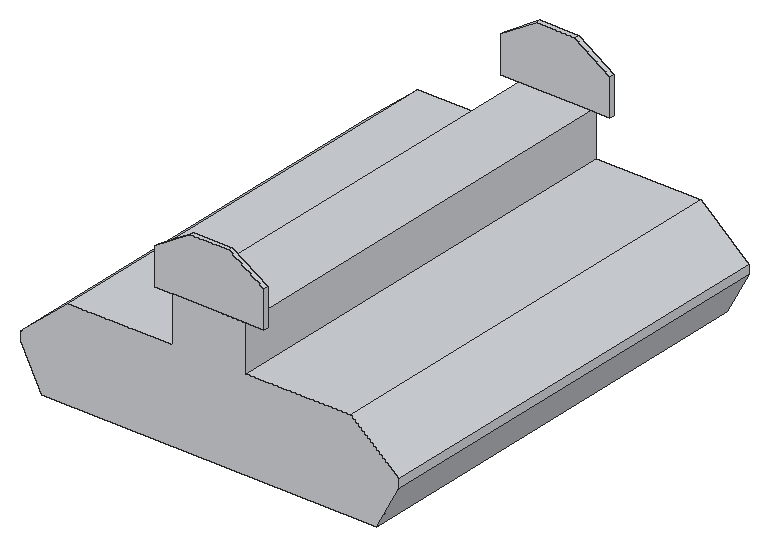
Revit family "SW-24 (Generic 3 Lamp)", category Generic Models, Revit 2012
Parameters
  Watts = ""
  Voltage = 0 V
  URL = "www.DetroitRadiant.com"
  Top Clearance = 0' - 0"
  Side Clearances = 0' - 0"
  Weight = "20 Pounds"
  Recommended Mounting Height = ""
  Model = "SW-24 (3 Lamp)"
  Material = ""
  Manufacturer = "Detroit Radiant Products Company"
  Length = 2' - 0"
  Heat Gain (BTU's) = ""
  Below Clearance = 0' - 0"
  Back Clearance = 0' - 0"
Reference planes (in)
  plane 1 "Center (Front/Back)": y = 0
  plane 2: z = 0
  plane 3 "Center (Left/Right)": x = 0
Forms (in)
  Extrusion 1, solid
    sketch origin (0, 0, 0) x (1, 0, 0) y (0, 0, 1)
      loop
        line (-3, 7.5) -> (3, 7.5) -> (3, 9.5) -> (1.05556, 10.75) -> (-1.05556, 10.75) -> (-3, 9.5) -> (-3, 7.5)
    from 0 to 0.25
  Extrusion 2, solid
    sketch origin (0, -23.75, 0) x (1, 0, 0) y (0, 0, 1)
      loop
        line (-3, 7.5) -> (3, 7.5) -> (3, 9.5) -> (1.05556, 10.75) -> (-1.05556, 10.75) -> (-3, 9.5) -> (-3, 7.5)
    from 0 to 0.25
  Extrusion 3, solid
    sketch origin (0, 0, 0) x (1, 0, 0) y (0, 0, 1)
      loop
        line (-2, 7.5) -> (-2, 5) -> (-7.75, 5) -> (-10.375, 2.75) -> (-10.375, 2.25) -> (-9.17865, 0) -> (9.17865, 0) -> (10.375, 2.25) -> (10.375, 2.75) -> (7.75, 5) -> (2, 5) -> (2, 7.5) -> (-2, 7.5)
    from 0 to 24
Lines and regions (in)
  model lines
    curve 1: line (2, 0, 5) -> (2, 0, 7.5)
    curve 2: line (-2, 0, 7.5) -> (-2, 0, 7.46429)
    curve 3: line (2, 0, 7.5) -> (3, 0, 7.5)
    curve 4: line (3, 0, 7.5) -> (3, 0, 9.5)
    curve 5: line (3, 0, 9.5) -> (1.05556, 0, 10.75)
    curve 6: line (1.05556, 0, 10.75) -> (0, 0, 10.75)
    curve 7: line (-2, 0, 7.5) -> (-3, 0, 7.5)
    curve 8: line (-3, 0, 7.5) -> (-3, 0, 9.5)
    curve 9: line (-3, 0, 9.5) -> (-1.05556, 0, 10.75)
    curve 10: line (-1.05556, 0, 10.75) -> (0, 0, 10.75)
    curve 11: line (-2, 0, 5) -> (-2, 0, 7.5)
    curve 12: line (0, 0, 0) -> (9.17865, 0, 0)
    curve 13: line (7.75, 0, 5) -> (10.375, 0, 2.75)
    curve 14: line (10.375, 0, 2.25) -> (9.17865, 0, 0)
    curve 15: line (2, 0, 5) -> (7.75, 0, 5)
    curve 16: line (10.375, 0, 2.25) -> (10.375, 0, 2.75)
    curve 17: line (0, 0, 0) -> (-9.17865, 0, 0)
    curve 18: line (-7.75, 0, 5) -> (-10.375, 0, 2.75)
    curve 19: line (-10.375, 0, 2.25) -> (-9.17865, 0, 0)
    curve 20: line (-2, 0, 5) -> (-7.75, 0, 5)
    curve 21: line (-10.375, 0, 2.25) -> (-10.375, 0, 2.75)
Dimensions and locks (in)
  aligned and locked: plane 2 to level
